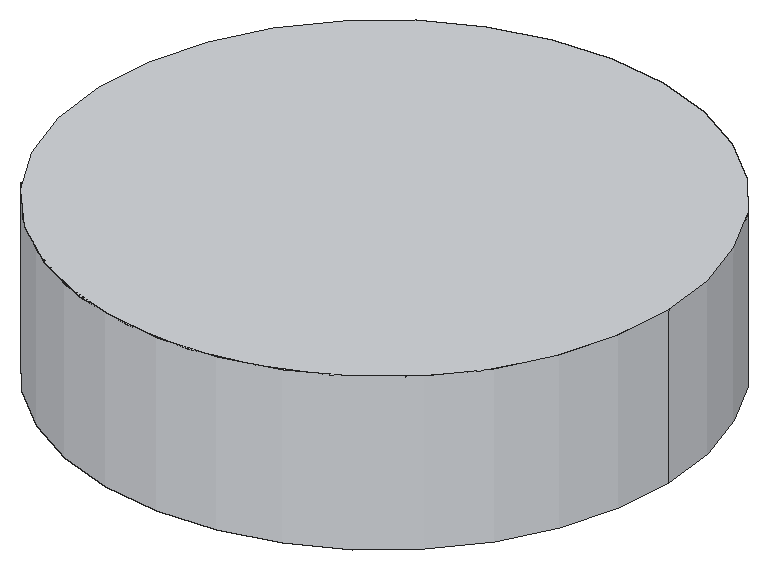
Revit family "FaceFamily2", category Generic Models, host Face, Revit 2018
Family settings
  Host = Face
  Can host rebar = No
  Round Connector Dimension = Use Diameter
  Part Type = Normal
  Cut with Voids When Loaded = No
  Shared = No
  Room Calculation Point = No
Parameters
  Default Elevation = 4' - 0"
Reference planes (in)
  plane 1 "Center (Front/Back)": y = 0
  plane 2: z = 0
  plane 3 "Center (Left/Right)": x = 0
Forms (in)
  Extrusion 1, solid
    sketch origin (0, 0, 0) x (1, 0, 0) y (0, 1, 0)
      loop
        circle (0, 0) r 22
    from 0 to 12
Dimensions and locks (in)
  aligned and locked: plane 2 to host face
  aligned and locked: level to host face
